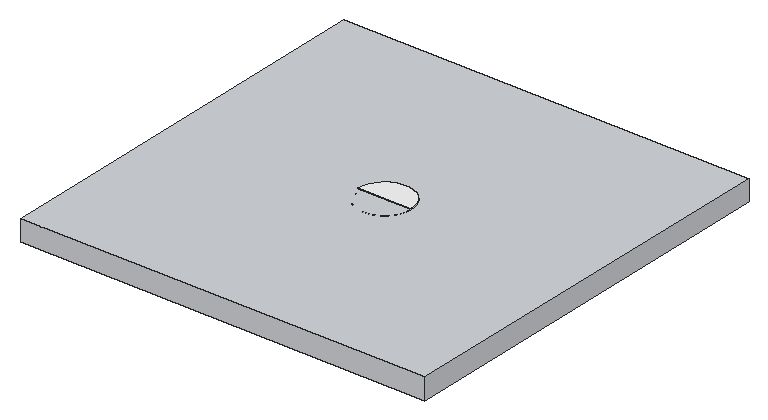
Revit family
Parameters (values of type "6"")
  WFU = 0
  URL = "WWW.MIFAB.COM"
  Top Assembly diameter = 12.750"
  Top Assembly Radius = Top Assembly diameter / 2  # 6.375"
  Strainer Adjustment [instance] = 2.250"
  Pipe Radius = Pipe Diameter / 2  # 3.000"
  Pipe Diameter = 6.000"
  Model = "F1350"
  Manufacturer = "MIFAB"
  Floor Drain Material = Paint - Sherwin Williams Paint - #952C2A - Bellwood Red
  Description = "AREA DRAIN WITH 12\" ROUND ADJ. HEAVY DUTY TRACTOR GRATE & EXTRA DEEP SUMP"
  Default Elevation = 0.000"
  Body Height = 14.630"
  Assembly Code = ""
Types (6): name | Pipe Radius | Pipe Diameter | Body Height
  (no name) | 3.000" | 6.000" | 14.630"
  2" | 1.000" | 2.000" | 12.750"
  3" | 1.500" | 3.000" | 12.750"
  4" | 2.000" | 4.000" | 12.750"
  5" | 2.500" | 5.000" | 12.750"
  6" | 3.000" | 6.000" | 14.630"
Reference planes (in)
  plane 1 "Center (Front/Back)": y = 0
  plane 2: z = 0
  plane 3 "Center (Left/Right)": x = 0
  plane 4: x = -6.375
  plane 5: x = 6.375
  plane 6: z = -2
  plane 7: z = -16.88
  plane 8: x = 3
  plane 9: x = -3
  plane 10: z = -15.38
  plane 11: z = -2.25
Forms (in)
  Extrusion 1, solid
    sketch origin (0, 0, 0) x (1, 0, 0) y (0, 1, 0)
      loop
        line (-48, 48) -> (-48, -48) -> (48, -48) -> (48, 48) -> (-48, 48)
    from 0 to -4.95974
  Revolve 2, solid, material "Paint - Sherwin Williams Paint - #952C2A - Bellwood Red" <- "Floor Drain Material"
    sketch origin (0, 0, 0) x (1, 0, 0) y (0, 0, 1)
      loop
        line (-6.375, 0) -> (-6.375, -1.375) -> (-5.10072, -1.375) -> (-4.4375, -1.71875) -> (-4.4375, -2) -> (-3.75, -2) -> (-3.75, -2.5) -> (-3.5, -2.5) -> (-3.5, -1.75) -> (-4.1875, -1.75) -> (-4.1875, -1.58348) -> (-5.07763, -1.125) -> (-5.75, -1.125) -> (-5.75, -0.2929) -> (0, -0.2929) -> (0, 0) -> (-6.375, 0)
      axis (0, 0) -> (0, -2.5)
    angle from 0 to 360
  Revolve 3, solid, material "Paint - Sherwin Williams Paint - #952C2A - Bellwood Red" <- "Floor Drain Material"
    sketch origin (0, 0, 0) x (1, 0, 0) y (0, 0, 1)
      loop
        line (3.75, -2.25) -> (3.75, -2.5) -> (4.12058, -2.5) -> (3.98183, -15.13) -> (3, -15.13) -> (3, -16.88) -> (3.25, -16.88) -> (3.25, -15.38) -> (4.23081, -15.38) -> (4.37426, -2.5) -> (6.5, -2.5) -> (6.5, -2.25) -> (3.75, -2.25)
      axis (0, -16.88) -> (0, -2.25)
    angle from 0 to 360
Lines and regions (in)
  symbolic lines
    curve 1: circle (0, 0, 0) r 6.375 normal (0, 0, 1)
Dimensions and locks (in)
  plane 4 to plane 5 = 12.750"
  "Strainer Adjustment": Extrusion 1 to plane 11
  "Body Height": plane 11 to plane 7
  equal spacing: plane 5, plane 3 "Center (Left/Right)", plane 4
  equal spacing: plane 9, plane 3 "Center (Left/Right)", plane 8
  "Pipe Radius": plane 8 to plane 3 "Center (Left/Right)"
  locked: plane 10 to plane 7 at 1.5
  locked: plane 6 to plane 11 at 0.25
  Revolve 3 sketch curve to Revolve 3 sketch curve = 0.250"
  Revolve 2 sketch curve to Revolve 2 sketch curve to plane 11 to Revolve 2 sketch curve = 0.250", 0.250", 0.250"
  Extrusion 1 to Revolve 2 sketch curve to Revolve 2 sketch curve = 1.125", 0.250"
  Revolve 3 sketch curve to Revolve 3 sketch curve to Revolve 3 sketch curve to Revolve 3 sketch curve to plane 3 "Center (Left/Right)" = 2.12574" locked, 0.25368" locked, 0.37058" locked, 3.750" locked
  Revolve 3 sketch curve to Revolve 3 sketch curve to plane 3 "Center (Left/Right)" = 0.24898", 3.98183"
  Revolve 2 sketch curve to Revolve 2 sketch curve to Revolve 2 sketch curve to Revolve 2 sketch curve to Revolve 2 sketch curve to Revolve 2 sketch curve to Revolve 2 sketch curve to plane 4 = 0.250" locked, 0.4375" locked, 0.250" locked, 0.64013" locked, 0.02309" locked, 0.64928" locked, 0.625" locked
  "Top Assembly Radius": plane 3 "Center (Left/Right)" to plane 4
  "Top Assembly Radius": radius of curve 1
  aligned and locked: plane 2 to Extrusion 1
  aligned and locked: level to Extrusion 1
  aligned and locked: Revolve 2 sketch curve to plane 3 "Center (Left/Right)"
  aligned and locked: Revolve 2 sketch curve to plane 4
  aligned and locked: Extrusion 1 to Revolve 2 sketch curve
  aligned and locked: Revolve 3 sketch curve to plane 7
  aligned and locked: plane 3 "Center (Left/Right)" to Revolve 3 sketch curve
  aligned and locked: Revolve 3 sketch curve to Revolve 3 sketch curve
  aligned and locked: Revolve 3 sketch curve to plane 10
  aligned and locked: Revolve 3 sketch curve to plane 8
  aligned and locked: Revolve 3 sketch curve to plane 11
Automatic sketch dimensions
  Extrusion 1 sketch curve to Extrusion 1 sketch curve = 96.000"  (x2)
  plane 10 to Revolve 3 sketch curve = 0.250"
  Revolve 3 sketch curve to plane 11 = 0.250"
  level to Revolve 3 sketch curve = 1.000"
  Revolve 3 sketch curve to Revolve 3 sketch curve = 1.750"
  Revolve 2 sketch curve to plane 3 "Center (Left/Right)" = 0.000"
  plane 10 to Revolve 2 sketch curve = 2.875"
  Revolve 2 sketch curve to Revolve 2 sketch curve = 0.03125"
  Revolve 2 sketch curve to Revolve 2 sketch curve = 0.16652"
  Revolve 2 sketch curve to level = 0.2929"
  Revolve 2 sketch curve to Revolve 2 sketch curve = 1.750"
  plane 1 "Center (Front/Back)" to curve 1 = 0.000"
  curve 1 to plane 3 "Center (Left/Right)" = 0.000"
Connectors (in)
  piping at (0, 0, -16.88), driven by "Pipe Radius", driven by "WFU"
    settings: on Revolve 3, index 1, connector radius 3", flow factor 0, pipe flow 0 GPM, pressure drop 0.00 psi, fitting loss kfactor 0, connector angle 0.00°, fixture units 0, flow configuration 3, flow direction 2, fitting loss method 0, system type 16, connector reference index -1, connector utility 0, adjustable connector no, is connector primary yes, fitting loss table "", connector description "Sanitary Out"
